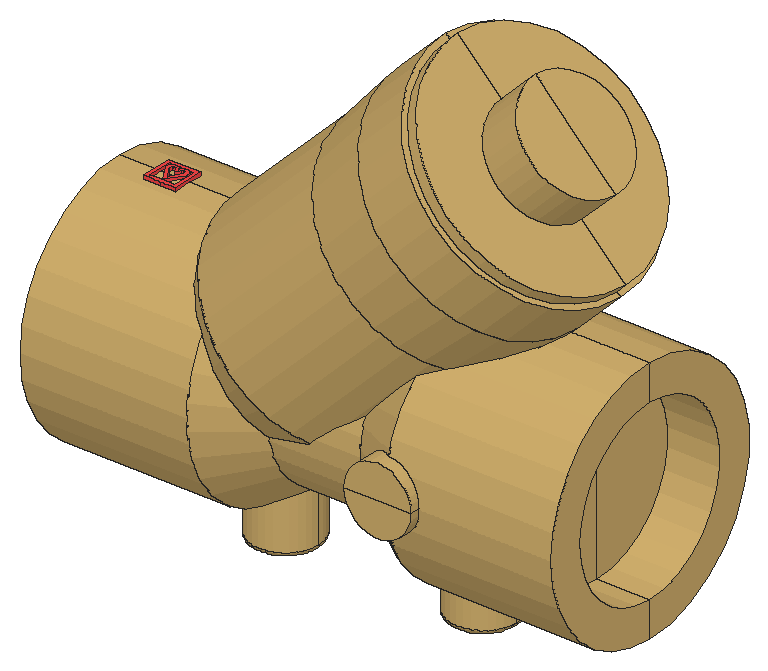
Revit family "Strainers 4111", category Rohrzubehör, Revit 2018
Family settings
  Bemaßung runder Anschluss = Durchmesser verwenden
  Teiletyp = Unterbricht
  OmniClass-Nummer = 23.65.55.14
  OmniClass-Titel = Valves for Liquid Services
  Arbeitsebenenbasiert = Nein
  Immer vertikal = Ja
  Beim Laden mit Abzugskörper schneiden = Nein
  Gemeinsam genutzt = Nein
Parameters
  max. Operating temperature = 110 °C  # constant formula
  Internal thread = "acc. to ISO 228-1"  # constant formula
  W01 = 45.00°  # constant formula
  URL = "www.herzvalves.com"
  Part number [instance] = size_lookup("4111_", "Artnr", 0, Nennweite)  # 1411116
  Closing plug = "forged brass acc to. EN 12420, CW617N"  # constant formula
  Sieve = "stainless steel, single, 1 4111 41-42: mashed perforation 0,5mm; 1 4111 14-18: meshed perforation 0.75mm"  # constant formula
  SW02 [instance] = size_lookup("4111_", "SW2", 11.000 mm, Nennweite)  # 8.500 mm
  SW01 [instance] = size_lookup("4111_", "SW1", 16.000 mm, Nennweite)  # 16.000 mm
  SCTWSEQ = "AW;SBT_TYP_AW=\"112\";2"
  SCTWCODE = "04;16;02"  # constant formula
  SCRNSEQ = "AWI;AWI_TYP=\"1011\";2"
  SCRNCODE = "05;15;02"  # constant formula
  S01 [instance] = R01 * 2  # 70.000 mm
  R100 = 1.000 mm  # constant formula
  R10 [instance] = size_lookup("4111_", "R10", 8.500 mm, Nennweite)  # 6.950 mm
  R09 [instance] = size_lookup("4111_", "R9", 30.000 mm, Nennweite)  # 25.000 mm
  R08 [instance] = R07 - 1.500 mm  # 33.500 mm
  R07 [instance] = size_lookup("4111_", "R7", 46.500 mm, Nennweite)  # 35.000 mm
  R06 [instance] = size_lookup("4111_", "R6", 43.000 mm, Nennweite)  # 33.500 mm
  R05 [instance] = Nennweite / 2  # 25.000 mm
  R04 [instance] = size_lookup("4111_", "R4", 11.500 mm, Nennweite)  # 9.500 mm
  R03 = 9.500 mm  # constant formula
  R02 [instance] = Nennweite / 2  # 25.000 mm
  R01 [instance] = (Nennweite / 2) + 10.000 mm  # 35.000 mm
  PN [instance] = size_lookup("4111_", "PN", 16, Nennweite)  # 16
  Nennweite [instance] = 50.000 mm
  Medium = "heating water quality according to ÖNORM H5195 or VDI-Standard 2035.\r\nthe use of ethylene or propylene glycol in a mixing ratio 25- 50% is allowed.\r\nplease refer to manufacturers documentation when using ethylene glycol products for frost and corrosion protection.\r\nHERZ ball valve for heating and chilled water is not suitable for usage of agressive medium (such as: acids, alkalis, combustible and explosive gases) because it can destroy sealing components."
  L16 [instance] = L03 - 4.500 mm  # 10.500 mm
  L15 [instance] = R01 - 1.000 mm  # 34.000 mm
  L14 [instance] = L06 - L08  # 20.500 mm
  L13 [instance] = size_lookup("4111_", "L13", 4.000 mm, Nennweite)  # 3.500 mm
  L12 = 0.800 mm  # constant formula
  L11 [instance] = size_lookup("4111_", "L11", 11.000 mm, Nennweite)  # 13.500 mm
  L10 = 3.500 mm  # constant formula
  L09 [instance] = size_lookup("4111_", "L9", 11.000 mm, Nennweite)  # 17.500 mm
  L08 [instance] = size_lookup("4111_", "L8", 35.000 mm, Nennweite)  # 66.000 mm
  L07 [instance] = size_lookup("4111_", "L7", 35.000 mm, Nennweite)  # 31.500 mm
  L06 [instance] = size_lookup("4111_", "L6", 118.000 mm, Nennweite) - L09  # 86.500 mm
  L05 [instance] = size_lookup("4111_", "L5", 44.000 mm, Nennweite)  # 36.500 mm
  L04 [instance] = size_lookup("4111_", "L4", 45.000 mm, Nennweite)  # 37.500 mm
  L03 = 15.000 mm  # constant formula
  L02 [instance] = size_lookup("4111_", "L2", 22.000 mm, Nennweite)  # 13.000 mm
  L01 [instance] = size_lookup("4111_", "L1", 48.000 mm, Nennweite)  # 47.000 mm
  L00 [instance] = size_lookup("4111_", "L", 180.000 mm, Nennweite)  # 150.000 mm
  Hersteller = "Herz-Armaturen GmbH"  # constant formula
  H01 [instance] = size_lookup("4111_", "H1", 53.000 mm, Nennweite)  # 45.000 mm
  Body = "casted, dezincification-resistant brass CC770S"  # constant formula
  Plug seals = "EPDM"  # constant formula
  Application = "strainers are installed in pipes to protect the finely machined valve seats from particles.\r\nfield of application are building services, such as in heating or chilled water units for air conditioning in buildings.\r\nEPDM sealings can be destroyed by organic hydro carbons, which are occurring in natural gas, mineral oil or lubricants."
Reference planes
  plane 1 "Mitte (Vorne/hinten)": y = 0
  plane 2: z = 0
  plane 3 "Mitte (Links/rechts)": x = 0
Forms (mm)
  Revolve 1, solid, material "Messing", detail levels fine
    sketch origin (470, 0, 0) x (1, 0, 0) y (0, 0, 1)
      loop
        line (-545, 25) -> (-530, 25) -> (-530, 0) -> (-410, 0) -> (-410, 25) -> (-395, 25) -> (-395, 35) -> (-442, 35) -> (-457, 25) -> (-483, 25) -> (-498, 35) -> (-545, 35) -> (-545, 25)
      axis (-545, 0) -> (-395, 0)
    angle from 0 to 360
  Revolve 2, solid, material "Messing", detail levels fine
    sketch origin (470, 0, 0) x (1, 0, 0) y (0, 0, 1)
      loop
        line (-507.5, 0) -> (-507.5, -44)
        arc (-507.5, -44) -> (-507.207, -44.707) -> (-506.5, -45) r 1
        line (-506.5, -45) -> (-498, -45) -> (-498, 0) -> (-507.5, 0)
      axis (-498, 0) -> (-498, -45)
    angle from 0 to 360
  Revolve 3, solid, material "Messing", detail levels fine
    sketch origin (0, 0, 0) x (1, 0, 0) y (0, 1, 0)
      loop
        line (28, -37.5) -> (37.5, -37.5) -> (37.5, 36.5) -> (28, 36.5) -> (28, -37.5)
      axis (28, -37.5) -> (28, 36.5)
    angle from 0 to 360
  Revolve 4, solid, material "Messing", detail levels fine
    sketch origin (-470, 0, 0) x (-1, 0, 0) y (0, 0, 1)
      loop
        line (-507.5, 0) -> (-507.5, -44)
        arc (-507.5, -44) -> (-507.207, -44.707) -> (-506.5, -45) r 1
        line (-506.5, -45) -> (-498, -45) -> (-498, 0) -> (-507.5, 0)
      axis (-498, 0) -> (-498, -45)
    angle from 0 to 360
  Revolve 5, solid, material "Messing", detail levels fine
    sketch origin (0.32, 0, -0.105) x (1, 0, 0) y (0, 0, 1)
      loop
        line (-31.82, 0) -> (53.74, 85.56) -> (42.426, 96.874) -> (32.88, 87.328) -> (20.506, 99.702) -> (18.031, 97.227) -> (16.97, 98.288) -> (4.596, 85.913) -> (-8.839, 70.357) -> (-41.012, 38.184) -> (-49.498, 17.678) -> (-31.82, 0)
      axis (-31.82, 0) -> (53.74, 85.56)
    angle from 0 to 360
Lines and regions (mm)
  model lines, detail levels coarse+medium
    curve 1: line (-90, 0, 42.5) -> (90, 0, 42.5)
    curve 2: line (-90, 0, -27.5) -> (-90, 0, 42.5)
    curve 3: line (90, 0, -27.5) -> (-90, 0, -27.5)
    curve 4: line (90, 0, 42.5) -> (90, 0, -27.5)
    curve 6: line (-75, 27.5, 0) -> (75, 27.5, 0)
    curve 7: line (-75, -42.5, 0) -> (-75, 27.5, 0)
    curve 8: line (75, -42.5, 0) -> (-75, -42.5, 0)
    curve 9: line (75, 27.5, 0) -> (75, -42.5, 0)
    curve 10: line (75, -42.5, 0) -> (-75, 27.5, 0)
  symbolic lines, style "PipeAccessory"
    curve 5: line (90, 0, -27.5) -> (-90, 0, 42.5)
Dimensions and locks
  "H01": plane 2 to Revolve 2 sketch curve
  "L00": Revolve 1 sketch curve to Revolve 1 sketch curve
  equal spacing: Revolve 1 sketch curve, plane 3 "Mitte (Links/rechts)", Revolve 1 sketch curve
  "R01": Revolve 1 sketch curve to Revolve 1 sketch curve  (x2)
  "R02": Revolve 1 sketch curve to Revolve 1 sketch curve  (x3)
  "L01": Revolve 1 sketch curve to Revolve 1 sketch curve  (x2)
  "L02": plane 3 "Mitte (Links/rechts)" to Revolve 1 sketch curve
  "L02": Revolve 1 sketch curve to plane 3 "Mitte (Links/rechts)"
  "L03": Revolve 1 sketch curve to Revolve 1 sketch curve  (x2)
  "L01": Revolve 1 to Revolve 2 sketch curve
  "R03": Revolve 2 sketch curve to Revolve 2 sketch curve
  "L01": Revolve 4 sketch curve to Revolve 1
  "R03": Revolve 4 sketch curve to Revolve 4 sketch curve
  "H01": plane 2 to Revolve 4 sketch curve
  "L04": Revolve 3 sketch curve to plane 1 "Mitte (Vorne/hinten)"
  "L05": plane 1 "Mitte (Vorne/hinten)" to Revolve 3 sketch curve
  "R04": Revolve 3 sketch curve to Revolve 3 sketch curve
  "L01": Revolve 3 sketch curve to Revolve 1
  "SW01": Revolve 5 sketch curve to Revolve 5 sketch curve
  "R08": Revolve 5 sketch curve to Revolve 5 sketch curve
  "L10": Revolve 5 sketch curve to Revolve 5 sketch curve
  "L11": Revolve 5 sketch curve to Revolve 5 sketch curve
  "R07": Revolve 5 sketch curve to Revolve 5 sketch curve
  "L07": plane 3 "Mitte (Links/rechts)" to Revolve 5 sketch curve
  "R05": Revolve 5 sketch curve to Revolve 5 sketch curve
  "L06": Revolve 5 sketch curve to Revolve 5 sketch curve
  "L09": Revolve 5 sketch curve to Revolve 5 sketch curve
  "L08": Revolve 5 sketch curve to Revolve 5 sketch curve
  "R06": Revolve 5 sketch curve to Revolve 5 sketch curve
  "L14": Revolve 5 sketch curve to Revolve 5 sketch curve
  "L15": nested 1 to plane 2
  "L16": Revolve 1 to nested 1
  "S01": curve 1 to curve 3
  "L00": Revolve 1 to Revolve 1
  equal spacing: Revolve 1, plane 3 "Mitte (Links/rechts)", Revolve 1
  equal spacing: curve 7, plane 3 "Mitte (Links/rechts)", curve 9
  "L00": curve 7 to curve 9
  "S01": curve 6 to curve 8
  "R100": radius of Revolve 2 sketch curve
  "R100": radius of Revolve 4 sketch curve
  "W01": angle plane 2 to Revolve 5 sketch curve
  "W01": angle level to Revolve 5 sketch curve
  aligned and locked: level to plane 2
Automatic sketch dimensions
  level to curve 1 = 42.500 mm
  curve 1 to plane 3 "Mitte (Links/rechts)" = 90.000 mm
  plane 3 "Mitte (Links/rechts)" to curve 4 = 90.000 mm
  plane 1 "Mitte (Vorne/hinten)" to curve 8 = 42.500 mm
  Revolve 1 sketch curve to level = 0.000 mm  (x2)
  Revolve 1 sketch curve to Revolve 1 sketch curve = 791.990 mm
  Revolve 1 sketch curve to Revolve 1 sketch curve = 2278.983 mm
  Revolve 2 sketch curve to level = 0.000 mm  (x2)
  Revolve 2 sketch curve to Revolve 2 sketch curve = 0.000 mm
  Revolve 2 sketch curve to Revolve 2 sketch curve = 0.292 mm
  Revolve 3 sketch curve to Revolve 3 sketch curve = 0.000 mm  (x3)
  Revolve 4 sketch curve to level = 0.000 mm  (x2)
  Revolve 4 sketch curve to Revolve 4 sketch curve = 0.000 mm
  Revolve 4 sketch curve to Revolve 4 sketch curve = 0.292 mm
  Revolve 5 sketch curve to level = 0.105 mm
  Revolve 5 sketch curve to Revolve 5 sketch curve = 0.000 mm  (x2)
Nested families
  nested 1: "Herz-Logo" at (-59.982, 0, 34), type "Herz-Logo", detail levels fine
Connectors
  piping at (-60, 0, 0), diameter 50, driven by "Nennweite"
    settings: on Revolve 1, index 1, connector inside diameter 609.6 mm, connector length 0.000 mm, flow factor 0, pipe flow 0.0 L/s, pressure drop 0.0 Pa, fitting loss kfactor 0, connector angle 0.00°, fixture units 0, engagement length 0.000 mm, angle of deflection 0.00°, flow configuration 0, flow direction 1, fitting loss method 0, system type 29, joint type 0, gender type 0, connector reference index -1, connector utility 0, adjustable connector no, is connector primary yes, connector description ""
  piping at (60, 0, 0), diameter 50, driven by "Nennweite"
    settings: on Revolve 1, index 2, connector inside diameter 609.6 mm, connector length 0.000 mm, flow factor 0, pipe flow 0.0 L/s, pressure drop 0.0 Pa, fitting loss kfactor 0, connector angle 0.00°, fixture units 0, engagement length 0.000 mm, angle of deflection 0.00°, flow configuration 0, flow direction 2, fitting loss method 0, system type 29, joint type 0, gender type 0, connector reference index -1, connector utility 0, adjustable connector no, is connector primary no, connector description ""
Definition of nested family "Herz-Logo"
  Reference planes
    plane 1 "Mitte (Vorne/hinten)": y = 0
    plane 2: z = 0
    plane 3 "Mitte (Links/rechts)": x = 0
  Forms (mm)
    Extrusion 1, solid
      sketch origin (0, 0, 0) x (1, 0, 0) y (0, 1, 0)
        loop
          line (-0.018, -4.517) -> (4.482, -4.517) -> (4.482, 4.483) -> (-4.518, 4.483) -> (-4.518, -4.517) -> (-0.018, -4.517)
        loop
          line (-0.05, -3.48) -> (3.482, -3.48) -> (3.482, 3.483) -> (-3.518, 3.483) -> (-3.518, -3.48) -> (-0.05, -3.48)
        loop
          arc (-0.018, 2.383) -> (-1.543, 3.287) -> (-3.067, 2.383) r 1.738
          arc (-3.067, 2.383) -> (-3.191, 1.899) -> (-3.067, 1.415) r 1.009
          line (-3.067, 1.415) -> (-0.018, -3.281) -> (3.032, 1.415)
          arc (3.032, 1.415) -> (3.156, 1.899) -> (3.032, 2.383) r 1.009
          arc (3.032, 2.383) -> (1.507, 3.287) -> (-0.018, 2.383) r 1.738
        loop
          arc (1.885, 1.272) -> (2.005, 1.675) -> (1.885, 2.079) r 0.74
          arc (1.885, 2.079) -> (1.265, 2.416) -> (0.644, 2.079) r 0.74
          line (0.644, 2.079) -> (-0.018, 0.97) -> (-0.679, 2.079)
          arc (-0.679, 2.079) -> (-1.3, 2.416) -> (-1.921, 2.079) r 0.74
          arc (-1.921, 2.079) -> (-2.04, 1.675) -> (-1.921, 1.272) r 0.74
          line (-1.921, 1.272) -> (-0.018, -1.658) -> (1.885, 1.272)
      from 0 to 1.5
  Dimensions and locks
    aligned and locked: level to plane 2
